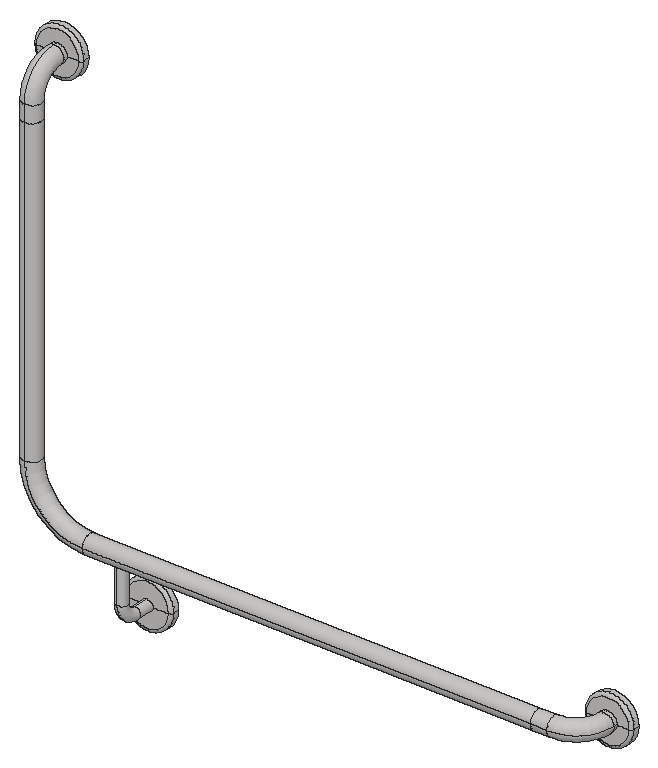
Revit family "RBA4090-911", category Plumbing Fixtures, Revit 2021
Family settings
  Round Connector Dimension = Use Diameter
  Part Type = Normal
  Work Plane-Based = No
  Always vertical = Yes
  Cut with Voids When Loaded = No
  Shared = No
  Room Calculation Point = No
Parameters (values of type "RBA4090-911")
  Watermarked By = "www.rba.com.au"
  URL = "www.rba.com.au"
  R_Void [instance] = 15.00 mm
  R [instance] = 0.00 mm
  Phone Number = ""
  Modified Issue = "20180918.01"
  Model = "RBA4090-911"
  Materials and Finishes = Stainless Steel, Satin Finish
  Manufacturer Model = "B819435"
  Manufacturer = "RBA Group"
  Description = "90° Angled Grab Rail"
  Default Elevation = 0.00 mm
  Copyrighted by = "RBA Group"  # constant formula
  Assembly Code = ""
Reference planes
  plane 1 "Center (Front/Back)": y = 0
  plane 2: z = 0
  plane 3: x = 40.5
  plane 4: z = 670
  plane 5: z = 730
  plane 6: x = -879.5
  plane 7: x = -939.5
  plane 8: z = 700
  plane 9: z = -100
  plane 10: x = 40.5
  plane 11: z = 670
  plane 12: z = 730
  plane 13: x = -939.5
  plane 14: x = -879.5
  plane 15: z = -130
  plane 16: z = -70
  plane 17: x = -784.5
  plane 18: x = -724.5
  plane 19: z = -100
  plane 20: x = -909.5
  plane 21: x = -754.5
  plane 22: z = 700
  plane 23: z = -30
  plane 24: z = 30
  plane 25: x = 70.5
  plane 26: x = 10.5
  plane 27: z = -30
  plane 28: z = 30
  plane 29: x = 10.5
  plane 30: x = 70.5
  plane 31: x = -925.5
  plane 32: x = -893.5
  plane 33: z = 16
  plane 34: z = -16
  plane 35: y = -70
  plane 36: y = -86
  plane 37: y = -54
  plane 38: y = -79.5
  plane 39: y = -60.5
Forms (mm)
  Extrusion 1, solid, material "Rail Steel"
    sketch origin (-909.5, -2.628, 1015.907) x (0, 0, -1) y (-1, 0, 0)
      loop
        circle (315.907, 0) r 40
    from -0.219 to 2.628
  Revolve 2, solid, material "Rail Steel"
    sketch origin (40.5, 18.663, 0) x (0, -1, 0) y (1, 0, 0)
      loop
        line (18.663, 0) -> (18.663, -41.5) -> (27.844, -41.5)
        arc (27.844, -41.5) -> (31.337, -40.077) -> (32.842, -36.617) r 5
        line (32.842, -36.617) -> (33.701, 0) -> (18.663, 0)
      axis (18.663, 0) -> (33.701, 0)
    angle from 0 to 360
  Extrusion 3, void
    sketch origin (-909.5, 34.941, 1015.907) x (0, 0, -1) y (-1, 0, 0)
      loop
        circle (315.907, -30) r 5
      loop
        circle (315.907, 30) r 5
    from -37.788 to -30
  Extrusion 4, solid, material "Rail Steel"
    sketch origin (-909.5, -2.628, 1015.907) x (0, 0, -1) y (-1, 0, 0)
      loop
        circle (315.907, 0) r 40
    from -0.219 to 2.628
  Extrusion 5, void
    sketch origin (-909.5, 34.941, 1015.907) x (0, 0, -1) y (-1, 0, 0)
      loop
        circle (315.907, 30) r 5
      loop
        circle (315.907, -30) r 5
    from -37.788 to -30
  Sweep 6, solid, material "Rail Steel"
    path origin (40.5, 12.454, 0) x (0, -1, 0) y (1, 0, 0)
      loop
        line (12.454, 0) -> (34.454, 0)
        arc (34.454, 0) -> (68.395, -14.059) -> (82.454, -48) r 48
        line (82.454, -48) -> (82.454, -76)
    profile origin (40.5, -11, 0) x (1, 0, 0) y (0, 0, 1)
      loop
        circle (0, 0) r 16
  Extrusion 7, solid, material "Rail Steel"
    sketch origin (-909.5, -2.628, 1015.907) x (0, 0, -1) y (-1, 0, 0)
      loop
        circle (315.907, 0) r 40
    from -0.219 to 2.628
  Sweep 8, solid, material "Rail Steel"
    path origin (-1609.5, 12.454, 700) x (0, -1, 0) y (0, 0, -1)
      loop
        line (12.454, 0) -> (34.454, 0)
        arc (34.454, 0) -> (68.395, 14.059) -> (82.454, 48) r 48
        line (82.454, 48) -> (82.454, 76)
    profile origin (-1609.5, -11, 700) x (0, 0, -1) y (1, 0, 0)
      loop
        circle (0, 700) r 16
  Revolve 9, solid, material "Rail Steel"
    sketch origin (-909.5, 18.663, 700) x (0, -1, 0) y (1, 0, 0)
      loop
        line (18.663, 0) -> (18.663, -41.5) -> (27.844, -41.5)
        arc (27.844, -41.5) -> (31.337, -40.077) -> (32.842, -36.617) r 5
        line (32.842, -36.617) -> (33.701, 0) -> (18.663, 0)
      axis (18.663, 0) -> (33.701, 0)
    angle from 0 to 360
  Sweep 10, solid, material "Rail Steel"
    path origin (81, 0, 0) x (-1, 0, 0) y (0, 0, 1)
      loop
        line (116.5, 0) -> (890.5, 0)
        arc (890.5, 0) -> (961.211, 29.289) -> (990.5, 100) r 100
        line (990.5, 100) -> (990.5, 624)
    profile origin (-422.5, 0, 0) x (0, 0, -1) y (0, -1, 0)
      loop
        circle (0, 70) r 16
  Extrusion 11, solid, material "Rail Steel"
    sketch origin (-754.5, -2.628, 215.907) x (0, 0, -1) y (-1, 0, 0)
      loop
        circle (315.907, 0) r 40
    from -0.219 to 2.628
  Revolve 12, solid, material "Rail Steel"
    sketch origin (-754.5, 18.663, -100) x (0, -1, 0) y (1, 0, 0)
      loop
        line (18.663, 0) -> (33.701, 0) -> (32.842, 36.617)
        arc (32.842, 36.617) -> (31.337, 40.077) -> (27.844, 41.5) r 5
        line (27.844, 41.5) -> (18.663, 41.5) -> (18.663, 0)
      axis (18.663, 0) -> (33.701, 0)
    angle from 0 to 360
  Sweep 13, solid, material "Rail Steel"
    path origin (-754.5, 12.454, -100) x (0, -1, 0) y (0, 0, 1)
      loop
        line (12.454, 0) -> (54.454, 0)
        arc (54.454, 0) -> (74.253, 8.201) -> (82.454, 28) r 28
        line (82.454, 28) -> (82.454, 100)
    profile origin (-754.5, -21, -100) x (0, 0, 1) y (-1, 0, 0)
      loop
        circle (0, 0) r 9.5
  Extrusion 14, void
    sketch origin (-754.5, 34.941, 215.907) x (0, 0, -1) y (-1, 0, 0)
      loop
        circle (315.907, 30) r 5
      loop
        circle (315.907, -30) r 5
    from -37.788 to -30
  Extrusion 15, solid, material "Rail Steel"
    sketch origin (40.5, -2.628, 315.907) x (0, 0, -1) y (-1, 0, 0)
      loop
        circle (315.907, 0) r 40
    from -0.219 to 2.628
  Extrusion 16, void
    sketch origin (40.5, 34.941, 315.907) x (0, 0, -1) y (-1, 0, 0)
      loop
        circle (315.907, -30) r 5
      loop
        circle (315.907, 30) r 5
    from -37.788 to -34.941
  Extrusion 17, solid, material "Rail Steel"
    sketch origin (40.5, -2.628, 315.907) x (0, 0, -1) y (-1, 0, 0)
      loop
        circle (315.907, 0) r 40
    from -0.219 to 2.628
  Extrusion 18, void
    sketch origin (40.5, 34.941, 315.907) x (0, 0, -1) y (-1, 0, 0)
      loop
        circle (315.907, 30) r 5
      loop
        circle (315.907, -30) r 5
    from -37.788 to -34.941
  Extrusion 19, solid, material "Rail Steel"
    sketch origin (40.5, -2.628, 315.907) x (0, 0, -1) y (-1, 0, 0)
      loop
        circle (315.907, 0) r 40
    from -0.219 to 2.628
Cuts and joins
  Extrusion 3, Extrusion 5, Extrusion 16, Extrusion 18 cuts Extrusion 1
  Extrusion 5, Extrusion 16, Extrusion 18 cuts Extrusion 4
  Extrusion 3, Extrusion 5, Extrusion 18 cuts Revolve 2
  Extrusion 5, Extrusion 16 cuts Revolve 9
  Extrusion 14 cuts Revolve 12
  joined: Revolve 2, Sweep 6, Sweep 8, Revolve 9, Sweep 10, Revolve 12, Sweep 13
  Extrusion 14 cuts Extrusion 11
  Extrusion 5, Extrusion 16 cuts Extrusion 7
  Extrusion 16 cuts Extrusion 15
  Extrusion 16 cuts Extrusion 17
  Extrusion 16, Extrusion 18 cuts Extrusion 19
Dimensions and locks
  Revolve 2 sketch curve to Revolve 2 sketch curve = 41.50 mm
  plane 5 to plane 4 to level = 60.00 mm, 670.00 mm
  plane 7 to plane 6 = 60.00 mm
  plane 12 to plane 11 = 60.00 mm
  plane 13 to plane 14 = 60.00 mm
  Revolve 9 sketch curve to Revolve 9 sketch curve = 41.50 mm
  Revolve 12 sketch curve to Revolve 12 sketch curve = 41.50 mm
  plane 16 to plane 15 = 60.00 mm
  plane 17 to plane 18 = 60.00 mm
  plane 22 to plane 2 = 700.00 mm
  plane 10 to plane 20 = 950.00 mm
  plane 21 to plane 20 = 155.00 mm
  plane 2 to plane 19 = 100.00 mm
  plane 24 to plane 23 = 60.00 mm
  plane 26 to plane 25 = 60.00 mm
  plane 28 to plane 27 = 60.00 mm
  plane 29 to plane 30 = 60.00 mm
  radius of Extrusion 1 sketch curve = 40.00 mm
  radius of Extrusion 4 sketch curve = 40.00 mm
  radius of Sweep 6 sketch curve = 16.00 mm
  radius of Extrusion 7 sketch curve = 40.00 mm
  radius of Sweep 8 sketch curve = 16.00 mm
  radius of Extrusion 11 sketch curve = 40.00 mm
  radius of Sweep 13 sketch curve = 9.50 mm
  radius of Extrusion 15 sketch curve = 40.00 mm
  radius of Extrusion 17 sketch curve = 40.00 mm
  radius of Extrusion 19 sketch curve = 40.00 mm
  aligned and locked: Extrusion 1 to Revolve 2
  aligned and locked: Revolve 12 to Extrusion 11
